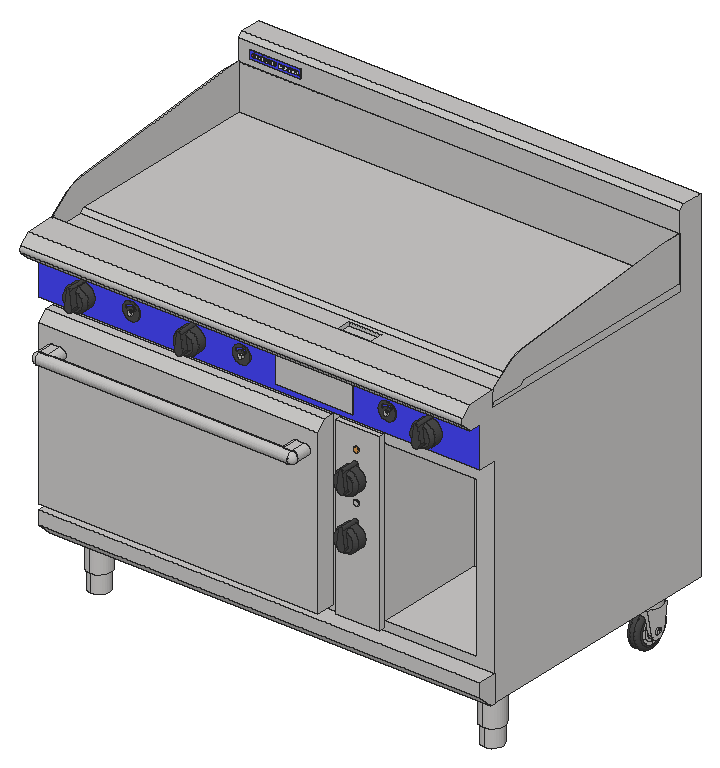
Revit family "QF_MOFFAT_BLUESEAL_CE_GPE508", category Specialty Equipment, Revit 2012 (continued)
Definition of nested family "ELECTRIC GRIDDLE PLATE"
  Automatic sketch dimensions
    curve 2 to plane 5 "FRONT" = 93.503 mm
    curve 2 to curve 1 = 10.5 mm
    plane 1 "BACK" to curve 8 = 0 mm
    Extrusion 1 sketch curve to plane 5 "FRONT" = 0 mm
    Extrusion 1 sketch curve to plane 6 "TOP" = 0 mm
    Extrusion 1 sketch curve to plane 5 "FRONT" = 52.097 mm
    Extrusion 1 sketch curve to plane 6 "TOP" = 45.977 mm
    Extrusion 1 sketch curve to Extrusion 1 sketch curve = 47.773 mm
    Extrusion 1 sketch curve to level = 3.016 mm
    Extrusion 1 sketch curve to Extrusion 1 sketch curve = 9.585 mm
    plane 1 "BACK" to Extrusion 1 sketch curve = 57.045 mm
    Extrusion 1 sketch curve to plane 1 "BACK" = 0.003 mm
    level to Extrusion 1 sketch curve = 0.5 mm
    Extrusion 1 sketch curve to Extrusion 1 sketch curve = 41.5 mm
    Extrusion 3 sketch curve to plane 5 "FRONT" = 0.6 mm
    level to Extrusion 3 sketch curve = 10 mm
    Extrusion 3 sketch curve to Extrusion 3 sketch curve = 92.903 mm
    Extrusion 3 sketch curve to Extrusion 3 sketch curve = 10.5 mm  (x2)
    Extrusion 3 sketch curve to plane 1 "BACK" = 0.003 mm
    level to Extrusion 3 sketch curve = 0.5 mm
    Extrusion 3 to Extrusion 4 sketch curve = 10.6 mm
    Extrusion 4 sketch curve to Extrusion 4 sketch curve = 38.5 mm
    Extrusion 3 to Extrusion 4 sketch curve = 457.25 mm
    Extrusion 4 sketch curve to Extrusion 4 sketch curve = 88.5 mm
    Extrusion 5 sketch curve to plane 6 "TOP" = 0 mm
    level to Extrusion 5 sketch curve = 20.5 mm
    plane 3 "LEFT" to Extrusion 5 sketch curve = 1.8 mm
    plane 7 "Center Y" to Extrusion 5 sketch curve = 600 mm
    plane 5 "FRONT" to curve 9 = 0 mm
    Extrusion 2 sketch curve to plane 6 "TOP" = 0 mm
    Extrusion 2 sketch curve to plane 5 "FRONT" = 0 mm
    Extrusion 2 sketch curve to plane 5 "FRONT" = 52.097 mm
    Extrusion 2 sketch curve to Extrusion 2 sketch curve = 47.773 mm
    Extrusion 2 sketch curve to level = 3.016 mm
    Extrusion 2 sketch curve to Extrusion 2 sketch curve = 57.358 mm
    plane 1 "BACK" to Extrusion 2 sketch curve = 57.045 mm
    Extrusion 2 sketch curve to plane 1 "BACK" = 0.003 mm
    level to Extrusion 2 sketch curve = 0.5 mm
    Extrusion 2 sketch curve to Extrusion 2 sketch curve = 41.5 mm
    Extrusion 2 sketch curve to plane 6 "TOP" = 63.601 mm
    curve 10 to plane 4 "RIGHT" = 0 mm
Definition of nested family "WALDORF LOGO_FACE BASE"
  Parameters (values of type "WALDORF LOGO_FACE BASE")
    Show Logo [instance] = yes
    Default Elevation = 1219.2 mm
  Reference planes
    plane 1 "Center (Front/Back)": y = 0
    plane 2: z = 0
    plane 3 "Center (Left/Right)": x = 0
  Forms (mm)
    Extrusion 1, solid
      sketch origin (0, 0, 0) x (1, 0, 0) y (0, 1, 0)
        loop
          line (-1219.2, 1219.2) -> (-1219.2, -1219.2) -> (1219.2, -1219.2) -> (1219.2, 1219.2) -> (-1219.2, 1219.2)
      from 0 to -304.8
    Extrusion 2, solid, material "QF_Finishes_Blue", visible <- "Show Logo"
      sketch origin (0, -33.217, 0) x (1, 0, 0) y (0, 1, 0)
        loop
          arc (138, 31.942) -> (137.626, 32.844) -> (136.724, 33.217) r 1.276
          line (136.724, 33.217) -> (1.29, 33.217)
          arc (1.29, 33.217) -> (0.378, 32.839) -> (0, 31.927) r 1.29
          line (0, 31.927) -> (0, 11.507)
          arc (0, 11.507) -> (0.378, 10.595) -> (1.29, 10.217) r 1.29
          line (1.29, 10.217) -> (136.71, 10.217)
          arc (136.71, 10.217) -> (137.622, 10.595) -> (138, 11.507) r 1.29
          line (138, 11.507) -> (138, 31.942)
      from 0 to 1.588
    Extrusion 3, solid, material "QF_Finishes_White", visible <- "Show Logo"
      sketch origin (0, -33.217, 1.588) x (1, 0, 0) y (0, 1, 0)
        loop
          arc (108.946, 25.919) -> (107.613, 25.367) -> (107.061, 24.034) r 1.885
          line (107.061, 24.034) -> (107.061, 17.211) -> (112.704, 17.211) -> (112.704, 19.129) -> (115.546, 19.129) -> (115.546, 17.211) -> (121.584, 17.211) -> (121.584, 24.075)
          arc (121.584, 24.075) -> (121.043, 25.379) -> (119.739, 25.919) r 1.845
          line (119.739, 25.919) -> (108.946, 25.919)
        loop
          line (123.478, 25.919) -> (123.478, 17.163) -> (134.904, 17.163) -> (134.904, 19.129) -> (129.246, 19.129) -> (129.246, 25.919) -> (123.478, 25.919)
        loop
          line (112.704, 21.258) -> (115.546, 21.258) -> (115.546, 22.702)
          arc (115.546, 22.702) -> (115.344, 23.188) -> (114.858, 23.389) r 0.687
          line (114.858, 23.389) -> (113.363, 23.389)
          arc (113.363, 23.389) -> (112.897, 23.196) -> (112.704, 22.73) r 0.658
          line (112.704, 22.73) -> (112.704, 21.258)
        loop
          line (105.071, 25.919) -> (93.771, 25.919) -> (93.771, 17.163) -> (105.071, 17.163) -> (105.071, 19.063) -> (99.535, 19.063) -> (99.535, 20.437) -> (105.071, 20.437) -> (105.071, 22.278) -> (99.535, 22.278) -> (99.535, 23.587) -> (105.071, 23.587) -> (105.071, 25.919)
        loop
          line (91.104, 25.919) -> (79.541, 25.919)
          arc (79.541, 25.919) -> (78.558, 25.513) -> (78.152, 24.53) r 1.389
          line (78.152, 24.53) -> (78.152, 22.08)
          arc (78.152, 22.08) -> (78.558, 21.098) -> (79.541, 20.691) r 1.389
          line (79.541, 20.691) -> (86.346, 20.691) -> (86.346, 18.864) -> (83.266, 18.864) -> (83.266, 19.664) -> (78.152, 19.664) -> (78.152, 18.553)
          arc (78.152, 18.553) -> (78.558, 17.57) -> (79.541, 17.163) r 1.389
          line (79.541, 17.163) -> (91.063, 17.163)
          arc (91.063, 17.163) -> (92.045, 17.57) -> (92.452, 18.553) r 1.389
          line (92.452, 18.553) -> (92.452, 20.691)
          arc (92.452, 20.691) -> (92.045, 21.673) -> (91.063, 22.08) r 1.389
          line (91.063, 22.08) -> (83.266, 22.08) -> (83.266, 23.984) -> (86.346, 23.984) -> (86.346, 22.743) -> (92.452, 22.743) -> (92.452, 24.571)
          arc (92.452, 24.571) -> (92.057, 25.524) -> (91.104, 25.919) r 1.348
        loop
          line (70.705, 25.919) -> (59.405, 25.919) -> (59.405, 17.163) -> (70.705, 17.163) -> (70.705, 19.063) -> (65.169, 19.063) -> (65.169, 20.437) -> (70.705, 20.437) -> (70.705, 22.278) -> (65.169, 22.278) -> (65.169, 23.587) -> (70.705, 23.587) -> (70.705, 25.919)
        loop
          line (57.598, 25.919) -> (51.7, 25.919) -> (51.7, 20.18)
          arc (51.7, 20.18) -> (50.63, 19.11) -> (49.56, 20.18) r 1.07
          line (49.56, 20.18) -> (49.56, 25.919) -> (43.663, 25.919) -> (43.663, 19.049)
          arc (43.663, 19.049) -> (44.215, 17.716) -> (45.548, 17.163) r 1.885
          line (45.548, 17.163) -> (55.71, 17.163)
          arc (55.71, 17.163) -> (57.045, 17.716) -> (57.598, 19.051) r 1.887
          line (57.598, 19.051) -> (57.598, 25.919)
        loop
          line (31.62, 25.919) -> (31.62, 17.163) -> (43.046, 17.163) -> (43.046, 19.129) -> (37.388, 19.129) -> (37.388, 25.919) -> (31.62, 25.919)
        loop
          line (15.969, 25.919) -> (15.969, 17.163) -> (28.693, 17.163)
          arc (28.693, 17.163) -> (29.812, 17.627) -> (30.276, 18.746) r 1.582
          line (30.276, 18.746) -> (30.276, 20.447) -> (29.48, 21.243) -> (30.276, 22.039) -> (30.276, 24.332)
          arc (30.276, 24.332) -> (29.811, 25.454) -> (28.688, 25.919) r 1.587
          line (28.688, 25.919) -> (15.969, 25.919)
        loop
          line (21.449, 24.159) -> (21.449, 22.436) -> (23.862, 22.436)
          arc (23.862, 22.436) -> (24.723, 23.298) -> (23.862, 24.159) r 0.861
          line (23.862, 24.159) -> (21.449, 24.159)
        loop
          line (21.449, 20.244) -> (21.449, 18.522) -> (23.862, 18.522)
          arc (23.862, 18.522) -> (24.723, 19.383) -> (23.862, 20.244) r 0.861
          line (23.862, 20.244) -> (21.449, 20.244)
      from 0 to 0.2
    Extrusion 4, solid, material "QF_Finishes_Blue", visible <- "Show Logo"
      sketch origin (-126.498, -31.09, 1.588) x (1, 0, 0) y (0, 1, 0)
        loop
          line (136.738, 23.522) -> (136.738, 15.1)
          arc (136.738, 15.1) -> (140.756, 19.311) -> (136.738, 23.522) r 4.216
      from 0 to 0.2
    Extrusion 5, solid, material "QF_Finishes_Red", visible <- "Show Logo"
      sketch origin (146.849, -31.09, 1.588) x (-1, 0, 0) y (0, -1, 0)
        loop
          arc (136.738, -23.522) -> (140.756, -19.311) -> (136.738, -15.1) r 4.216
          line (136.738, -15.1) -> (136.738, -23.522)
      from 0 to 0.2
  Lines and regions (mm)
    Split face 1
      outline origin (-90.35, -30.793, 1.588) x (1, 0, 0) y (0, 1, 0)
        loop
          circle (100.54, 19.013) r 4.536
  Dimensions and locks
    aligned and locked: plane 2 to Extrusion 1
    aligned and locked: level to Extrusion 1
